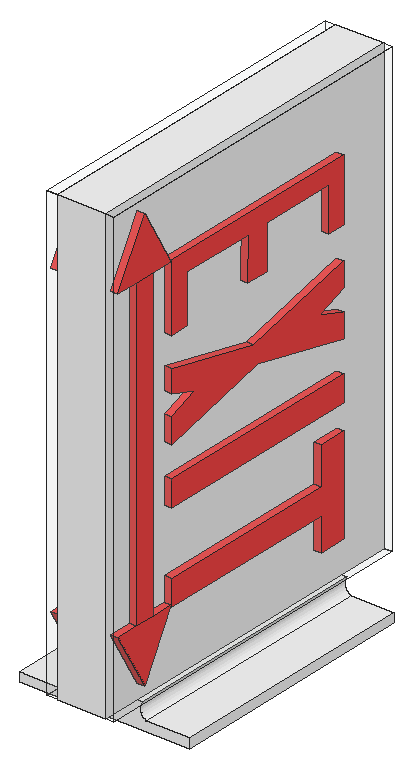
Revit family "CLS_End", category Lighting Fixtures, host Face, Revit 2021
Family settings
  Host = Face
  Round Connector Dimension = Use Diameter
  Part Type = Normal
  OmniClass Number = 23.80.70.11.21
  OmniClass Title = Emergency Lighting
  Cut with Voids When Loaded = No
  Light Source = No
  Shared = No
  Room Calculation Point = No
Parameters (values of type "CLS-D-EXIT-Double_Arrow")
  zz Length 1 [instance] = if([EXIT - Single Face], 0.200", 0.250")  # 0.200"
  Watts = 3.72 W
  Wattage Comments = "3.72 W"
  Warranty = "Fixture: 5 Years Full; Battery: 2 Years Full, 8 Years Pro-Rata"  # constant formula
  Wall Plate Material = Black
  Voltage [instance] = if(Is 120VAC, 120 V, 277 V)  # 120 V
  URL = "www.currentlighting.com/dual-Lite"
  Type Comments = "Exit Light"  # constant formula
  Product Page URL = ""
  Product Documentation Link = ""
  EXIT - Single Face = yes
  STAIR - Single Face = no
  STAIR - Double Face = no
  Right Arrow - Single = yes
  Right Arrow - Double = yes
  Model = "CLS"
  Manufacturer = "DUAL-LITE"  # constant formula
  Load Classification = Lighting
  Lens = Red Glass
  Left Arrow - Single = yes
  Left Arrow - Double = yes
  Lamp = "LED Lamp"  # constant formula
  Is 277VAC [instance] = not(Is 120VAC)  # no
  Is 120VAC [instance] = yes
  Holder Material = Steel
  Glass = Glass
  Finish = White
  Features = "Improved one-piece design in AC or emergency operation\r\nHighly reliable and energy efficient LED illumination\r\nLong lasting Nickel Cadmium Battery\r\nGlass panels with EXIT or STAIRS"  # constant formula
  End = End : C1
  EXIT - Double Face = yes
  Description = "The CLS Series offers bright and even LED EXIT or STAIRS glass panel illumination with Red letters, white LED's and a 20 gauge, durable steel housing. Features include AC or Emergency operation in single or double face. 120/277 VAC input. City of Chicago approved."  # constant formula
  Default Elevation = 48.000"
  Certification = "UL 924 Listed\r\nNFPA 101 Life Safety Code\r\nCEC T20 Compliant"  # constant formula
  Arrow Base - Single = yes
  Arrow Base - Double = yes
  Application = "The Sempra® MR Series are a set of compact, low-profile Master/\r\nRemote exit sign featuring cast aluminum construction. It allows for\r\neasy installation and has energy saving, long-life LED lamps. "  # constant formula
  Apparent Load = Watts  # 3.72 VA
Types (16): name | zz Length 1 | EXIT - Single Face | STAIR - Single Face | STAIR - Double Face | Right Arrow - Single | Right Arrow - Double | Left Arrow - Single | Left Arrow - Double | Glass | EXIT - Double Face | Arrow Base - Single | Arrow Base - Double
  CLS-S-EXIT-No_arrows | 0.200" | yes | no | no | no | no | no | no | Glass | no | no | no
  CLS-S-EXIT-Right_Arrow | 0.200" | yes | no | no | yes | no | no | no | light Glass | no | yes | no
  CLS-S-EXIT-Left_Arrow | 0.200" | yes | no | no | no | no | yes | no | light Glass | no | yes | no
  CLS-S-EXIT-Double_Arrow | 0.200" | yes | no | no | yes | no | yes | no | light Glass | no | yes | no
  CLS-D-EXIT-No_Arrows | 0.200" | yes | no | no | no | no | no | no | light Glass | yes | no | no
  CLS-D-EXIT-Left_Arrow | 0.200" | yes | no | no | no | yes | yes | no | light Glass | yes | yes | yes
  CLS-D-EXIT-Right_Arrow | 0.200" | yes | no | no | yes | no | no | yes | light Glass | yes | yes | yes
  CLS-D-EXIT-Double_Arrow | 0.200" | yes | no | no | yes | yes | yes | yes | Glass | yes | yes | yes
  CLS-S-STAIRS-No_Arrows | 0.250" | no | yes | no | no | no | no | no | Glass | no | no | no
  CLS-S-STAIRS-Right_Arrow | 0.250" | no | yes | no | yes | no | no | no | Glass | no | yes | no
  CLS-S-STAIRS-Left_Arrow | 0.250" | no | yes | no | no | no | yes | no | Glass | no | yes | no
  CLS-S-STAIRS-Double_Arrow | 0.250" | no | yes | no | yes | no | yes | no | Glass | no | yes | no
  CLS-D-STAIRS-No_Arrow | 0.250" | no | yes | yes | no | no | no | no | Glass | no | no | no
  CLS-D-STAIRS-Right_Arrow | 0.250" | no | yes | yes | yes | no | no | yes | Glass | no | yes | yes
  CLS-D-STAIRS-Left_Arrow | 0.250" | no | yes | yes | no | yes | yes | no | Glass | no | yes | yes
  CLS-D-STAIRS-Double_Arrow | 0.250" | no | yes | yes | yes | yes | yes | yes | Glass | no | yes | yes
Reference planes (in)
  plane 1 "Center (Front/Back)": y = 0
  plane 2: z = 0
  plane 3 "Center (Left/Right)": x = 0
  plane 4: x = -6.25
  plane 5: x = 6.25
  plane 6: x = -2.75
  plane 7: x = 2.75
  plane 8: z = 9.3
  plane 9: y = -1.25
  plane 10: y = 1.25
  plane 11: y = -2.2
  plane 12: y = 2.2
Forms (in)
  Extrusion 1, solid, material "White"
    sketch origin (-0.33698, -0.33698, 0) x (1, 0, 0) y (0, 0, 1)
      loop
        line (2.20258, 0) -> (2.20258, 0.24288) -> (1.0795, 0.24288)
        arc (1.0795, 0.24288) -> (0.94157, 0.42301) -> (0.97906, 0.64676) r 0.28476
        line (0.97906, 0.64676) -> (-0.97906, 0.64676)
        arc (-0.97906, 0.64676) -> (-0.94157, 0.42301) -> (-1.0795, 0.24288) r 0.28476
        line (-1.0795, 0.24288) -> (-2.20258, 0.24288) -> (-2.20258, 0) -> (2.20258, 0)
    from -3.46752 to 3.16302
Dimensions and locks (in)
  plane 4 to plane 3 "Center (Left/Right)" = 6.250"
  equal spacing: plane 4, plane 3 "Center (Left/Right)", plane 5
  equal spacing: plane 6, plane 3 "Center (Left/Right)", plane 7
  plane 6 to plane 3 "Center (Left/Right)" = 2.750"
  plane 7 to plane 6 = 5.500"
  plane 5 to plane 4 = 12.500"
  aligned and locked: plane 2 to host face
  aligned and locked: level to host face
Automatic sketch dimensions
  host sketch curve to host sketch curve = 96.000"  (x2)
  Extrusion 1 sketch curve to level = 0.000"
  plane 6 to Extrusion 1 sketch curve = 0.21043"
  level to Extrusion 1 sketch curve = 0.49173"
  Extrusion 1 sketch curve to Extrusion 1 sketch curve = 0.98467"
  Extrusion 1 sketch curve to Extrusion 1 sketch curve = 0.13842"  (x2)
  Extrusion 1 sketch curve to Extrusion 1 sketch curve = 0.23886"
  plane 3 "Center (Left/Right)" to Extrusion 1 sketch curve = 0.64208"
  Extrusion 1 sketch curve to Extrusion 1 sketch curve = 0.10044"
  level to Extrusion 1 sketch curve = 0.24288"
  Extrusion 1 sketch curve to plane 7 = 0.8844"
  Extrusion 1 sketch curve to Extrusion 1 sketch curve = 0.24288"
Nested families (in)
  nested 1: "End" at (-0.14499, 0, 0.625) x (0, -1, 0) z (0, 0, 1), type <- "End", type "C1"
Connectors (in)
  electrical at (-0.33698, -0.18473, 0), driven by "Voltage", driven by "Apparent Load"
    settings: on Extrusion 1, index 1, voltage 120 V, apparent load 3.72 VA, apparent load phase1 0 VA, apparent load phase2 0 VA, apparent load phase3 0 VA, power factor 1, load classification "Other", number of poles 1, system type 30, power factor state 1, is connector primary yes, connector utility no, sub classification motor no, connector description "Lighting Connector"
Definition of nested family "End"
  Parameters
    STAIRS-Single Face = yes
    STAIRS-Double Face = yes
    EXIT-Single Face = yes
    Right Arrow - Single = yes
    Right Arrow - Double = yes
    Lens = none
    Left Arrow - Single = yes
    Left Arrow - Double = yes
    Glass = none
    Finish = none
    EXIT-Double Face = yes
    Default Elevation = 0.000"
    Arrow base-Double = yes
    Arrow base - Single = yes
  Reference planes (in)
    plane 1 "Center (Front/Back)": y = 0
    plane 2: z = 0
    plane 3 "Center (Left/Right)": x = 0
    plane 4: x = -5.625
    plane 5: x = 5.625
    plane 6: y = 0.866
    plane 7: y = -0.866
    plane 8: z = 12.375
  Forms (in)
    Extrusion 1, solid, material <- "Finish"
      sketch origin (4.7775, 0.02507, 5.9025) x (0, 0, 1) y (-1, 0, 0)
        loop
          line (-5.875, 9.3) -> (-5.875, 0.25) -> (5.875, 0.25) -> (5.875, 9.3) -> (-5.875, 9.3)
      from -0.625 to 0.625
    Extrusion 2, solid, material <- "Lens", visible <- "EXIT-Single Face"
      sketch origin (-3.82708, 0.02507, 5.9025) x (0, 0, -1) y (1, 0, 0)
        loop
          line (2.43416, 6.45678) -> (2.43416, 5.97564) -> (3.5716, 5.97564) -> (3.5716, 3.97225) -> (2.43416, 3.97225) -> (2.43416, 3.36683) -> (3.55274, 3.3823) -> (3.55274, 1.3823) -> (2.30274, 1.3823) -> (2.30274, 0.8823) -> (4.05274, 0.8823) -> (4.05274, 6.45678) -> (2.43416, 6.45678)
        loop
          line (1.58093, 6.45573) -> (0.95036, 6.45573) -> (0.67318, 5.69418) -> (0.396, 6.45573) -> (-0.23457, 6.45573) -> (0.40867, 3.66954) -> (-0.23457, 0.88335) -> (0.396, 0.88335) -> (0.67318, 1.64489) -> (0.95036, 0.88335) -> (1.53078, 0.88335) -> (0.91261, 3.56092) -> (1.58093, 6.45573)
        loop
          line (-1.71319, 6.47228) -> (-1.71319, 0.88335) -> (-1.04357, 0.88335) -> (-1.04357, 6.47228) -> (-1.71319, 6.47228)
        loop
          line (-2.31807, 1.07085) -> (-2.31807, 1.80238) -> (-3.19038, 1.80238) -> (-3.19038, 6.65978) -> (-3.86, 6.65978) -> (-3.86, 1.80238) -> (-4.82984, 1.80238) -> (-4.82984, 1.07085) -> (-2.31807, 1.07085)
      from 0.625 to 0.89107
    Extrusion 3, solid, material <- "Glass", visible <- "EXIT-Single Face"
      sketch origin (4.7775, 0.02507, 5.9025) x (0, 0, 1) y (-1, 0, 0)
        loop
          line (-5.875, 9.305) -> (-5.875, 0.25) -> (5.875, 0.25) -> (5.875, 9.305) -> (-5.875, 9.305)
      from 0.625 to 0.89107
    Extrusion 4, solid, material <- "Lens", visible <- "EXIT-Double Face"
      sketch origin (3.5275, 0.02507, 5.9025) x (0, 0, 1) y (1, 0, 0)
        loop
          line (2.43416, -6.45678) -> (4.05274, -6.45678) -> (4.05274, -0.8823) -> (2.30274, -0.8823) -> (2.30274, -1.3823) -> (3.55274, -1.3823) -> (3.55274, -3.3823) -> (2.43416, -3.36683) -> (2.43416, -3.97225) -> (3.5716, -3.97225) -> (3.5716, -5.97564) -> (2.43416, -5.97564) -> (2.43416, -6.45678)
        loop
          line (1.58093, -6.45573) -> (0.91261, -3.56092) -> (1.53078, -0.88335) -> (0.95036, -0.88335) -> (0.67318, -1.64489) -> (0.396, -0.88335) -> (-0.23457, -0.88335) -> (0.40867, -3.66954) -> (-0.23457, -6.45573) -> (0.396, -6.45573) -> (0.67318, -5.69418) -> (0.95036, -6.45573) -> (1.58093, -6.45573)
        loop
          line (-1.71319, -6.47228) -> (-1.04357, -6.47228) -> (-1.04357, -0.88335) -> (-1.71319, -0.88335) -> (-1.71319, -6.47228)
        loop
          line (-4.89234, -6.47228) -> (-2.38057, -6.47228) -> (-2.38057, -5.74075) -> (-3.35041, -5.74075) -> (-3.35041, -0.88335) -> (-4.02003, -0.88335) -> (-4.02003, -5.74075) -> (-4.89234, -5.74075) -> (-4.89234, -6.47228)
      from 0.625 to 0.84093
    Extrusion 5, solid, material <- "Glass", visible <- "EXIT-Double Face"
      sketch origin (4.7775, 0.02507, 5.9025) x (0, 0, 1) y (1, 0, 0)
        loop
          line (5.875, -9.3) -> (5.875, -0.25) -> (-5.875, -0.25) -> (-5.875, -9.3) -> (5.875, -9.3)
      from 0.625 to 0.84093
    Extrusion 6, solid, material <- "Lens", visible <- "Arrow base-Double"
      sketch origin (0, 0, 0) x (1, 0, 0) y (0, 0, 1)
        loop
          line (3.26823, 9.93122) -> (3.26823, 1.93122) -> (3.76823, 1.93122) -> (3.76823, 9.93122) -> (3.26823, 9.93122)
      from -0.866 to -0.65007
    Extrusion 7, solid, material <- "Lens", visible <- "Left Arrow - Double"
      sketch origin (0, 0, 0) x (1, 0, 0) y (0, 0, 1)
        loop
          line (4.39221, 9.92839) -> (3.52618, 11.42839) -> (2.66016, 9.92839) -> (3.27618, 9.92839) -> (3.77618, 9.92839) -> (4.39221, 9.92839)
      from -0.866 to -0.65007
    Extrusion 8, solid, material <- "Lens", visible <- "Right Arrow - Double"
      sketch origin (0, 0, 11.86245) x (1, 0, 0) y (0, 0, 1)
        loop
          line (4.39221, -9.92839) -> (3.77618, -9.92839) -> (3.27618, -9.92839) -> (2.66016, -9.92839) -> (3.52618, -11.42839) -> (4.39221, -9.92839)
      from -0.866 to -0.65007
    Extrusion 9, solid, material <- "Lens", visible <- "Arrow base - Single"
      sketch origin (0, 0, 0) x (1, 0, 0) y (0, 0, -1)
        loop
          line (3.26823, -9.93122) -> (3.76823, -9.93122) -> (3.76823, -1.93122) -> (3.26823, -1.93122) -> (3.26823, -9.93122)
      from -0.866 to -0.65007
    Extrusion 10, solid, material <- "Lens", visible <- "Right Arrow - Single"
      sketch origin (0, 0, 0) x (1, 0, 0) y (0, 0, -1)
        loop
          line (4.39221, -9.92839) -> (3.77618, -9.92839) -> (3.27618, -9.92839) -> (2.66016, -9.92839) -> (3.52618, -11.42839) -> (4.39221, -9.92839)
      from -0.866 to -0.65007
    Extrusion 11, solid, material <- "Lens", visible <- "Left Arrow - Single"
      sketch origin (0, 0, 11.86245) x (1, 0, 0) y (0, 0, -1)
        loop
          line (4.39221, 9.92839) -> (3.52618, 11.42839) -> (2.66016, 9.92839) -> (3.27618, 9.92839) -> (3.77618, 9.92839) -> (4.39221, 9.92839)
      from -0.866 to -0.65007
    Extrusion 12, solid, material <- "Lens", visible <- "STAIRS-Single Face"
      sketch origin (-0.5, 0, 0) x (1, 0, 0) y (0, 0, 1)
        loop
          line (-1.88113, 2.19677) -> (-2.69478, 2.19677)
          arc (-2.69478, 2.19677) -> (-2.87155, 2.12355) -> (-2.94478, 1.94677) r 0.25
          line (-2.94478, 1.94677) -> (-2.94478, 0.54083)
          arc (-2.94478, 0.54083) -> (-2.84401, 0.29754) -> (-2.60072, 0.19677) r 0.34405
          line (-2.60072, 0.19677) -> (-0.02929, 0.19677)
          arc (-0.02929, 0.19677) -> (0.22934, 0.3039) -> (0.33647, 0.56253) r 0.36576
          line (0.33647, 0.56253) -> (0.33647, 1.31851)
          arc (0.33647, 1.31851) -> (0.375, 1.45185) -> (0.47871, 1.54409) r 0.25
          line (0.47871, 1.54409) -> (2.31495, 1.54409)
          arc (2.31495, 1.54409) -> (2.43984, 1.49236) -> (2.49157, 1.36747) r 0.17663
          line (2.49157, 1.36747) -> (2.49157, 1.16329)
          arc (2.49157, 1.16329) -> (2.45666, 1.079) -> (2.37237, 1.04409) r 0.1192
          line (2.37237, 1.04409) -> (1.99157, 1.04409) -> (1.99157, 0.25958) -> (2.80522, 0.25958)
          arc (2.80522, 0.25958) -> (2.982, 0.3328) -> (3.05522, 0.50958) r 0.25
          line (3.05522, 0.50958) -> (3.05522, 1.91552)
          arc (3.05522, 1.91552) -> (3.01658, 2.07394) -> (2.90934, 2.19677) r 0.34405
          line (2.90934, 2.19677) -> (-0.09988, 2.19677)
          arc (-0.09988, 2.19677) -> (-0.27666, 2.12355) -> (-0.34988, 1.94677) r 0.25
          line (-0.34988, 1.94677) -> (-0.34988, 1.16226)
          arc (-0.34988, 1.16226) -> (-0.4231, 0.98548) -> (-0.59988, 0.91226) r 0.25
          line (-0.59988, 0.91226) -> (-2.20451, 0.91226)
          arc (-2.20451, 0.91226) -> (-2.3294, 0.96399) -> (-2.38113, 1.08888) r 0.17663
          line (-2.38113, 1.08888) -> (-2.38113, 1.29306)
          arc (-2.38113, 1.29306) -> (-2.34622, 1.37735) -> (-2.26193, 1.41226) r 0.1192
          line (-2.26193, 1.41226) -> (-1.88113, 1.41226) -> (-1.88113, 2.19677)
        loop
          line (-2.91247, 4.66984) -> (-2.91247, 2.47057) -> (-2.0247, 2.47057) -> (-2.0247, 3.21788) -> (3.05145, 3.21788) -> (3.05145, 3.8875) -> (-2.0247, 3.8875) -> (-2.0247, 4.66984) -> (-2.91247, 4.66984)
        loop
          line (-2.94372, 6.63357) -> (3.05926, 6.63357) -> (3.05926, 7.30319) -> (-2.94372, 7.30319) -> (-2.94372, 6.63357)
        loop
          line (-2.91247, 5.08785) -> (3.05522, 4.35511) -> (3.05522, 5.10511) -> (1.58343, 5.3912) -> (3.05522, 5.73818) -> (3.05522, 6.48818) -> (-2.91247, 5.78633) -> (-2.91247, 5.08785)
        loop
          line (0.65691, 5.38371) -> (1.13031, 5.29169) -> (1.13031, 5.49532) -> (0.65691, 5.38371)
        loop
          line (-2.94372, 7.44857) -> (3.05926, 7.44857) -> (3.05926, 8.11819) -> (1.15884, 8.11819) -> (3.06092, 8.56662) -> (3.06092, 9.31662) -> (-0.34988, 8.5125) -> (-0.34988, 9.02445)
          arc (-0.34988, 9.02445) -> (-0.45056, 9.26751) -> (-0.69362, 9.36819) r 0.34374
          line (-0.69362, 9.36819) -> (-2.69372, 9.36819)
          arc (-2.69372, 9.36819) -> (-2.8705, 9.29497) -> (-2.94372, 9.11819) r 0.25
          line (-2.94372, 9.11819) -> (-2.94372, 8.11819) -> (-2.94372, 7.44857)
        loop
          arc (-2.19372, 8.28281) -> (-2.14551, 8.16641) -> (-2.0291, 8.11819) r 0.16462
          line (-2.0291, 8.11819) -> (-1.11412, 8.11819)
          arc (-1.11412, 8.11819) -> (-0.99363, 8.1681) -> (-0.94372, 8.28859) r 0.1704
          line (-0.94372, 8.28859) -> (-0.94372, 8.61819)
          arc (-0.94372, 8.61819) -> (-1.01695, 8.79497) -> (-1.19372, 8.86819) r 0.25
          line (-1.19372, 8.86819) -> (-1.89265, 8.86819)
          arc (-1.89265, 8.86819) -> (-2.10554, 8.78001) -> (-2.19372, 8.56711) r 0.30108
          line (-2.19372, 8.56711) -> (-2.19372, 8.28281)
        loop
          line (-1.88113, 11.63427) -> (-2.69478, 11.63427)
          arc (-2.69478, 11.63427) -> (-2.87155, 11.56105) -> (-2.94478, 11.38427) r 0.25
          line (-2.94478, 11.38427) -> (-2.94478, 9.97833)
          arc (-2.94478, 9.97833) -> (-2.84401, 9.73504) -> (-2.60072, 9.63427) r 0.34405
          line (-2.60072, 9.63427) -> (-0.02929, 9.63427)
          arc (-0.02929, 9.63427) -> (0.22934, 9.7414) -> (0.33647, 10.00003) r 0.36576
          line (0.33647, 10.00003) -> (0.33647, 10.75601)
          arc (0.33647, 10.75601) -> (0.375, 10.88935) -> (0.47871, 10.98159) r 0.25
          line (0.47871, 10.98159) -> (2.31495, 10.98159)
          arc (2.31495, 10.98159) -> (2.43984, 10.92986) -> (2.49157, 10.80497) r 0.17663
          line (2.49157, 10.80497) -> (2.49157, 10.60079)
          arc (2.49157, 10.60079) -> (2.45666, 10.5165) -> (2.37237, 10.48159) r 0.1192
          line (2.37237, 10.48159) -> (1.99157, 10.48159) -> (1.99157, 9.69708) -> (2.80522, 9.69708)
          arc (2.80522, 9.69708) -> (2.982, 9.7703) -> (3.05522, 9.94708) r 0.25
          line (3.05522, 9.94708) -> (3.05522, 11.35302)
          arc (3.05522, 11.35302) -> (3.01658, 11.51144) -> (2.90934, 11.63427) r 0.34405
          line (2.90934, 11.63427) -> (-0.09988, 11.63427)
          arc (-0.09988, 11.63427) -> (-0.27666, 11.56105) -> (-0.34988, 11.38427) r 0.25
          line (-0.34988, 11.38427) -> (-0.34988, 10.59976)
          arc (-0.34988, 10.59976) -> (-0.4231, 10.42298) -> (-0.59988, 10.34976) r 0.25
          line (-0.59988, 10.34976) -> (-2.20451, 10.34976)
          arc (-2.20451, 10.34976) -> (-2.3294, 10.40149) -> (-2.38113, 10.52638) r 0.17663
          line (-2.38113, 10.52638) -> (-2.38113, 10.73056)
          arc (-2.38113, 10.73056) -> (-2.34622, 10.81485) -> (-2.26193, 10.84976) r 0.1192
          line (-2.26193, 10.84976) -> (-1.88113, 10.84976) -> (-1.88113, 11.63427)
      from 0.59993 to 0.866
    Extrusion 13, solid, material <- "Lens", visible <- "STAIRS-Double Face"
      sketch origin (-0.5, 0, 11.805) x (1, 0, 0) y (0, 0, -1)
        loop
          line (-1.88113, 2.19677) -> (-2.69478, 2.19677)
          arc (-2.69478, 2.19677) -> (-2.87155, 2.12355) -> (-2.94478, 1.94677) r 0.25
          line (-2.94478, 1.94677) -> (-2.94478, 0.54083)
          arc (-2.94478, 0.54083) -> (-2.84401, 0.29754) -> (-2.60072, 0.19677) r 0.34405
          line (-2.60072, 0.19677) -> (-0.02929, 0.19677)
          arc (-0.02929, 0.19677) -> (0.22934, 0.3039) -> (0.33647, 0.56253) r 0.36576
          line (0.33647, 0.56253) -> (0.33647, 1.31851)
          arc (0.33647, 1.31851) -> (0.375, 1.45185) -> (0.47871, 1.54409) r 0.25
          line (0.47871, 1.54409) -> (2.31495, 1.54409)
          arc (2.31495, 1.54409) -> (2.43984, 1.49236) -> (2.49157, 1.36747) r 0.17663
          line (2.49157, 1.36747) -> (2.49157, 1.16329)
          arc (2.49157, 1.16329) -> (2.45666, 1.079) -> (2.37237, 1.04409) r 0.1192
          line (2.37237, 1.04409) -> (1.99157, 1.04409) -> (1.99157, 0.25958) -> (2.80522, 0.25958)
          arc (2.80522, 0.25958) -> (2.982, 0.3328) -> (3.05522, 0.50958) r 0.25
          line (3.05522, 0.50958) -> (3.05522, 1.91552)
          arc (3.05522, 1.91552) -> (3.01658, 2.07394) -> (2.90934, 2.19677) r 0.34405
          line (2.90934, 2.19677) -> (-0.09988, 2.19677)
          arc (-0.09988, 2.19677) -> (-0.27666, 2.12355) -> (-0.34988, 1.94677) r 0.25
          line (-0.34988, 1.94677) -> (-0.34988, 1.16226)
          arc (-0.34988, 1.16226) -> (-0.4231, 0.98548) -> (-0.59988, 0.91226) r 0.25
          line (-0.59988, 0.91226) -> (-2.20451, 0.91226)
          arc (-2.20451, 0.91226) -> (-2.3294, 0.96399) -> (-2.38113, 1.08888) r 0.17663
          line (-2.38113, 1.08888) -> (-2.38113, 1.29306)
          arc (-2.38113, 1.29306) -> (-2.34622, 1.37735) -> (-2.26193, 1.41226) r 0.1192
          line (-2.26193, 1.41226) -> (-1.88113, 1.41226) -> (-1.88113, 2.19677)
        loop
          line (-2.91247, 4.66984) -> (-2.91247, 2.47057) -> (-2.0247, 2.47057) -> (-2.0247, 3.21788) -> (3.05145, 3.21788) -> (3.05145, 3.8875) -> (-2.0247, 3.8875) -> (-2.0247, 4.66984) -> (-2.91247, 4.66984)
        loop
          line (-2.94372, 6.63357) -> (3.05926, 6.63357) -> (3.05926, 7.30319) -> (-2.94372, 7.30319) -> (-2.94372, 6.63357)
        loop
          line (-2.91247, 5.08785) -> (3.05522, 4.35511) -> (3.05522, 5.10511) -> (1.58343, 5.3912) -> (3.05522, 5.73818) -> (3.05522, 6.48818) -> (-2.91247, 5.78633) -> (-2.91247, 5.08785)
        loop
          line (0.65691, 5.38371) -> (1.13031, 5.29169) -> (1.13031, 5.49532) -> (0.65691, 5.38371)
        loop
          line (-2.94372, 7.44857) -> (3.05926, 7.44857) -> (3.05926, 8.11819) -> (1.15884, 8.11819) -> (3.06092, 8.56662) -> (3.06092, 9.31662) -> (-0.34988, 8.5125) -> (-0.34988, 9.02445)
          arc (-0.34988, 9.02445) -> (-0.45056, 9.26751) -> (-0.69362, 9.36819) r 0.34374
          line (-0.69362, 9.36819) -> (-2.69372, 9.36819)
          arc (-2.69372, 9.36819) -> (-2.8705, 9.29497) -> (-2.94372, 9.11819) r 0.25
          line (-2.94372, 9.11819) -> (-2.94372, 8.11819) -> (-2.94372, 7.44857)
        loop
          arc (-2.19372, 8.28281) -> (-2.14551, 8.16641) -> (-2.0291, 8.11819) r 0.16462
          line (-2.0291, 8.11819) -> (-1.11412, 8.11819)
          arc (-1.11412, 8.11819) -> (-0.99363, 8.1681) -> (-0.94372, 8.28859) r 0.1704
          line (-0.94372, 8.28859) -> (-0.94372, 8.61819)
          arc (-0.94372, 8.61819) -> (-1.01695, 8.79497) -> (-1.19372, 8.86819) r 0.25
          line (-1.19372, 8.86819) -> (-1.89265, 8.86819)
          arc (-1.89265, 8.86819) -> (-2.10554, 8.78001) -> (-2.19372, 8.56711) r 0.30108
          line (-2.19372, 8.56711) -> (-2.19372, 8.28281)
        loop
          line (-1.88113, 11.63427) -> (-2.69478, 11.63427)
          arc (-2.69478, 11.63427) -> (-2.87155, 11.56105) -> (-2.94478, 11.38427) r 0.25
          line (-2.94478, 11.38427) -> (-2.94478, 9.97833)
          arc (-2.94478, 9.97833) -> (-2.84401, 9.73504) -> (-2.60072, 9.63427) r 0.34405
          line (-2.60072, 9.63427) -> (-0.02929, 9.63427)
          arc (-0.02929, 9.63427) -> (0.22934, 9.7414) -> (0.33647, 10.00003) r 0.36576
          line (0.33647, 10.00003) -> (0.33647, 10.75601)
          arc (0.33647, 10.75601) -> (0.375, 10.88935) -> (0.47871, 10.98159) r 0.25
          line (0.47871, 10.98159) -> (2.31495, 10.98159)
          arc (2.31495, 10.98159) -> (2.43984, 10.92986) -> (2.49157, 10.80497) r 0.17663
          line (2.49157, 10.80497) -> (2.49157, 10.60079)
          arc (2.49157, 10.60079) -> (2.45666, 10.5165) -> (2.37237, 10.48159) r 0.1192
          line (2.37237, 10.48159) -> (1.99157, 10.48159) -> (1.99157, 9.69708) -> (2.80522, 9.69708)
          arc (2.80522, 9.69708) -> (2.982, 9.7703) -> (3.05522, 9.94708) r 0.25
          line (3.05522, 9.94708) -> (3.05522, 11.35302)
          arc (3.05522, 11.35302) -> (3.01658, 11.51144) -> (2.90934, 11.63427) r 0.34405
          line (2.90934, 11.63427) -> (-0.09988, 11.63427)
          arc (-0.09988, 11.63427) -> (-0.27666, 11.56105) -> (-0.34988, 11.38427) r 0.25
          line (-0.34988, 11.38427) -> (-0.34988, 10.59976)
          arc (-0.34988, 10.59976) -> (-0.4231, 10.42298) -> (-0.59988, 10.34976) r 0.25
          line (-0.59988, 10.34976) -> (-2.20451, 10.34976)
          arc (-2.20451, 10.34976) -> (-2.3294, 10.40149) -> (-2.38113, 10.52638) r 0.17663
          line (-2.38113, 10.52638) -> (-2.38113, 10.73056)
          arc (-2.38113, 10.73056) -> (-2.34622, 10.81485) -> (-2.26193, 10.84976) r 0.1192
          line (-2.26193, 10.84976) -> (-1.88113, 10.84976) -> (-1.88113, 11.63427)
      from 0.59993 to 0.866
  Dimensions and locks (in)
    Extrusion 5 to Extrusion 3 = 1.732"
    plane 8 to plane 2 = 12.375"
    plane 5 to plane 3 "Center (Left/Right)" to plane 4 = 5.625", 5.625"
    plane 5 to plane 4 = 11.250"
    aligned and locked: plane 2 to level
